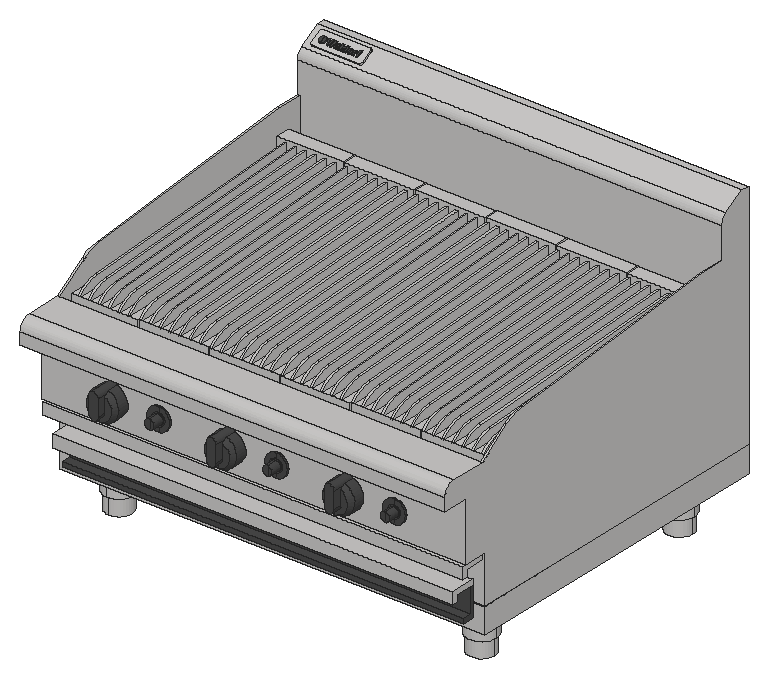
Revit family "QF_MOFFAT WALDORF_CH8900G-B", category Specialty Equipment, Revit 2012 (continued)
Automatic sketch dimensions
  Extrusion 22 sketch curve to plane 6 "TOP" = 265.155 mm
  Extrusion 22 sketch curve to plane 6 "TOP" = 219.636 mm
  Extrusion 22 sketch curve to Extrusion 22 sketch curve = 52.486 mm
  Extrusion 23 sketch curve to plane 5 "FRONT" = 128 mm
  Extrusion 23 sketch curve to Extrusion 23 sketch curve = 46.148 mm
  Extrusion 23 sketch curve to Extrusion 23 sketch curve = 50.262 mm
  plane 1 "BACK" to Extrusion 23 sketch curve = 132 mm
  Extrusion 23 sketch curve to plane 6 "TOP" = 265.155 mm
  Extrusion 23 sketch curve to plane 6 "TOP" = 219.636 mm
  Extrusion 23 sketch curve to Extrusion 23 sketch curve = 52.486 mm
  Extrusion 24 sketch curve to plane 5 "FRONT" = 128 mm
  Extrusion 24 sketch curve to Extrusion 24 sketch curve = 46.148 mm
  Extrusion 24 sketch curve to Extrusion 24 sketch curve = 4.114 mm
  plane 1 "BACK" to Extrusion 24 sketch curve = 132 mm
  Extrusion 24 sketch curve to plane 6 "TOP" = 265.155 mm
  Extrusion 24 sketch curve to plane 6 "TOP" = 219.636 mm
  Extrusion 24 sketch curve to Extrusion 24 sketch curve = 52.486 mm
  Extrusion 25 sketch curve to plane 5 "FRONT" = 128 mm
  Extrusion 25 sketch curve to Extrusion 25 sketch curve = 46.148 mm
  Extrusion 25 sketch curve to Extrusion 25 sketch curve = 4.114 mm
  plane 1 "BACK" to Extrusion 25 sketch curve = 132 mm
  Extrusion 25 sketch curve to plane 6 "TOP" = 265.155 mm
  Extrusion 25 sketch curve to plane 6 "TOP" = 219.636 mm
  Extrusion 25 sketch curve to Extrusion 25 sketch curve = 52.486 mm
  Extrusion 26 sketch curve to plane 5 "FRONT" = 128 mm
  Extrusion 26 sketch curve to Extrusion 26 sketch curve = 46.148 mm
  Extrusion 26 sketch curve to Extrusion 26 sketch curve = 4.114 mm
  plane 1 "BACK" to Extrusion 26 sketch curve = 132 mm
  Extrusion 26 sketch curve to plane 6 "TOP" = 265.155 mm
  Extrusion 26 sketch curve to plane 6 "TOP" = 219.636 mm
  Extrusion 26 sketch curve to Extrusion 26 sketch curve = 52.486 mm
  Extrusion 27 sketch curve to plane 5 "FRONT" = 128 mm
  Extrusion 27 sketch curve to Extrusion 27 sketch curve = 46.148 mm
  Extrusion 27 sketch curve to Extrusion 27 sketch curve = 50.262 mm
  plane 1 "BACK" to Extrusion 27 sketch curve = 132 mm
  Extrusion 27 sketch curve to plane 6 "TOP" = 265.155 mm
  Extrusion 27 sketch curve to plane 6 "TOP" = 219.636 mm
  Extrusion 27 sketch curve to Extrusion 27 sketch curve = 52.486 mm
  Extrusion 28 sketch curve to plane 5 "FRONT" = 128 mm
  Extrusion 28 sketch curve to Extrusion 28 sketch curve = 46.148 mm
  Extrusion 28 sketch curve to Extrusion 28 sketch curve = 4.114 mm
  plane 1 "BACK" to Extrusion 28 sketch curve = 132 mm
  Extrusion 28 sketch curve to plane 6 "TOP" = 265.155 mm
  Extrusion 28 sketch curve to plane 6 "TOP" = 219.636 mm
  Extrusion 28 sketch curve to Extrusion 28 sketch curve = 52.486 mm
  Extrusion 29 sketch curve to plane 5 "FRONT" = 128 mm
  Extrusion 29 sketch curve to Extrusion 29 sketch curve = 46.148 mm
  Extrusion 29 sketch curve to Extrusion 29 sketch curve = 50.262 mm
  plane 1 "BACK" to Extrusion 29 sketch curve = 132 mm
  Extrusion 29 sketch curve to plane 6 "TOP" = 265.155 mm
  Extrusion 29 sketch curve to plane 6 "TOP" = 219.636 mm
  Extrusion 29 sketch curve to Extrusion 29 sketch curve = 52.486 mm
  Extrusion 30 sketch curve to plane 5 "FRONT" = 128 mm
  Extrusion 30 sketch curve to Extrusion 30 sketch curve = 46.148 mm
  Extrusion 30 sketch curve to Extrusion 30 sketch curve = 50.262 mm
  plane 1 "BACK" to Extrusion 30 sketch curve = 132 mm
  Extrusion 30 sketch curve to plane 6 "TOP" = 265.155 mm
  Extrusion 30 sketch curve to plane 6 "TOP" = 219.636 mm
  Extrusion 30 sketch curve to Extrusion 30 sketch curve = 52.486 mm
  Extrusion 31 sketch curve to plane 5 "FRONT" = 128 mm
  Extrusion 31 sketch curve to Extrusion 31 sketch curve = 46.148 mm
  Extrusion 31 sketch curve to Extrusion 31 sketch curve = 4.114 mm
  plane 1 "BACK" to Extrusion 31 sketch curve = 132 mm
  Extrusion 31 sketch curve to plane 6 "TOP" = 265.155 mm
  Extrusion 31 sketch curve to plane 6 "TOP" = 219.636 mm
  Extrusion 31 sketch curve to Extrusion 31 sketch curve = 52.486 mm
  Extrusion 32 sketch curve to plane 5 "FRONT" = 128 mm
  Extrusion 32 sketch curve to Extrusion 32 sketch curve = 46.148 mm
  Extrusion 32 sketch curve to Extrusion 32 sketch curve = 50.262 mm
  plane 1 "BACK" to Extrusion 32 sketch curve = 132 mm
  Extrusion 32 sketch curve to plane 6 "TOP" = 265.155 mm
  Extrusion 32 sketch curve to plane 6 "TOP" = 219.636 mm
  Extrusion 32 sketch curve to Extrusion 32 sketch curve = 52.486 mm
  Extrusion 33 sketch curve to plane 5 "FRONT" = 128 mm
  Extrusion 33 sketch curve to Extrusion 33 sketch curve = 46.148 mm
  Extrusion 33 sketch curve to Extrusion 33 sketch curve = 4.114 mm
  plane 1 "BACK" to Extrusion 33 sketch curve = 132 mm
  Extrusion 33 sketch curve to plane 6 "TOP" = 265.155 mm
  Extrusion 33 sketch curve to plane 6 "TOP" = 219.636 mm
  Extrusion 33 sketch curve to Extrusion 33 sketch curve = 52.486 mm
  Extrusion 34 sketch curve to plane 5 "FRONT" = 128 mm
  Extrusion 34 sketch curve to Extrusion 34 sketch curve = 46.148 mm
  Extrusion 34 sketch curve to Extrusion 34 sketch curve = 4.114 mm
  plane 1 "BACK" to Extrusion 34 sketch curve = 132 mm
  Extrusion 34 sketch curve to plane 6 "TOP" = 265.155 mm
  Extrusion 34 sketch curve to Extrusion 34 sketch curve = 45.518 mm
  Extrusion 34 sketch curve to Extrusion 34 sketch curve = 52.486 mm
  Extrusion 35 sketch curve to plane 5 "FRONT" = 128 mm
  Extrusion 35 sketch curve to Extrusion 35 sketch curve = 46.148 mm
  Extrusion 35 sketch curve to Extrusion 35 sketch curve = 50.262 mm
  plane 1 "BACK" to Extrusion 35 sketch curve = 132 mm
  Extrusion 35 sketch curve to plane 6 "TOP" = 265.155 mm
  Extrusion 35 sketch curve to plane 6 "TOP" = 219.636 mm
  Extrusion 35 sketch curve to Extrusion 35 sketch curve = 52.486 mm
  Extrusion 36 sketch curve to plane 5 "FRONT" = 128 mm
  Extrusion 36 sketch curve to Extrusion 36 sketch curve = 46.148 mm
  Extrusion 36 sketch curve to Extrusion 36 sketch curve = 4.114 mm
  plane 1 "BACK" to Extrusion 36 sketch curve = 132 mm
  Extrusion 36 sketch curve to plane 6 "TOP" = 265.155 mm
  Extrusion 36 sketch curve to plane 6 "TOP" = 219.636 mm
  Extrusion 36 sketch curve to Extrusion 36 sketch curve = 52.486 mm
  Extrusion 37 sketch curve to plane 5 "FRONT" = 128 mm
  Extrusion 37 sketch curve to Extrusion 37 sketch curve = 46.148 mm
  Extrusion 37 sketch curve to Extrusion 37 sketch curve = 4.114 mm
  plane 1 "BACK" to Extrusion 37 sketch curve = 132 mm
  Extrusion 37 sketch curve to plane 6 "TOP" = 265.155 mm
  Extrusion 37 sketch curve to plane 6 "TOP" = 219.636 mm
  Extrusion 37 sketch curve to Extrusion 37 sketch curve = 52.486 mm
  Extrusion 38 sketch curve to plane 5 "FRONT" = 128 mm
  Extrusion 38 sketch curve to Extrusion 38 sketch curve = 46.148 mm
  Extrusion 38 sketch curve to Extrusion 38 sketch curve = 50.262 mm
  plane 1 "BACK" to Extrusion 38 sketch curve = 132 mm
  Extrusion 38 sketch curve to plane 6 "TOP" = 265.155 mm
  Extrusion 38 sketch curve to plane 6 "TOP" = 219.636 mm
  Extrusion 38 sketch curve to Extrusion 38 sketch curve = 52.486 mm
  Extrusion 39 sketch curve to plane 5 "FRONT" = 128 mm
  Extrusion 39 sketch curve to Extrusion 39 sketch curve = 46.148 mm
  Extrusion 39 sketch curve to Extrusion 39 sketch curve = 50.262 mm
  plane 1 "BACK" to Extrusion 39 sketch curve = 132 mm
  Extrusion 39 sketch curve to plane 6 "TOP" = 265.155 mm
  Extrusion 39 sketch curve to plane 6 "TOP" = 219.636 mm
  Extrusion 39 sketch curve to Extrusion 39 sketch curve = 52.486 mm
  Extrusion 40 sketch curve to plane 5 "FRONT" = 128 mm
  Extrusion 40 sketch curve to Extrusion 40 sketch curve = 46.148 mm
  Extrusion 40 sketch curve to Extrusion 40 sketch curve = 4.114 mm
  plane 1 "BACK" to Extrusion 40 sketch curve = 132 mm
  Extrusion 40 sketch curve to plane 6 "TOP" = 265.155 mm
  Extrusion 40 sketch curve to plane 6 "TOP" = 219.636 mm
  Extrusion 40 sketch curve to Extrusion 40 sketch curve = 52.486 mm
  plane 1 "BACK" to Extrusion 41 sketch curve = 32 mm
  Extrusion 42 sketch curve to plane 5 "FRONT" = 81 mm
  Extrusion 42 sketch curve to Extrusion 42 sketch curve = 20 mm
  Extrusion 42 sketch curve to Extrusion 42 sketch curve = 18.654 mm
  level to Extrusion 42 sketch curve = 108.047 mm
  Extrusion 42 sketch curve to Extrusion 42 sketch curve = 10 mm
  Extrusion 42 sketch curve to Extrusion 42 sketch curve = 53.75 mm
  Extrusion 43 sketch curve to plane 5 "FRONT" = 53.73 mm
  Extrusion 43 sketch curve to Extrusion 43 sketch curve = 10 mm  (x2)
  Extrusion 43 sketch curve to Extrusion 43 sketch curve = 42.27 mm
  level to Extrusion 43 sketch curve = 211.219 mm
  Extrusion 43 sketch curve to Extrusion 43 sketch curve = 15 mm
  Split face 12 sketch curve to cut or joined group of Extrusion 1, Extrusion 6, Extrusion 7 = 1.25 mm
  Split face 12 sketch curve to cut or joined group of Extrusion 1, Extrusion 6, Extrusion 7 = 24.993 mm
  cut or joined group of Extrusion 1, Extrusion 6, Extrusion 7 to Split face 12 sketch curve = 1.25 mm
  Split face 12 sketch curve to cut or joined group of Extrusion 1, Extrusion 6, Extrusion 7 = 25.12 mm
  Extrusion 44 sketch curve to plane 5 "FRONT" = 53.73 mm
  Extrusion 44 sketch curve to Extrusion 44 sketch curve = 10 mm  (x2)
  Extrusion 44 sketch curve to Extrusion 44 sketch curve = 55.924 mm
  level to Extrusion 44 sketch curve = 156.797 mm
  Extrusion 44 sketch curve to Extrusion 44 sketch curve = 15 mm
  Extrusion 45 sketch curve to plane 5 "FRONT" = 128 mm
  plane 1 "BACK" to Extrusion 45 sketch curve = 132 mm
  Extrusion 45 sketch curve to Extrusion 45 sketch curve = 30 mm
  Extrusion 45 sketch curve to plane 6 "TOP" = 255 mm
  Extrusion 45 sketch curve to Extrusion 45 sketch curve = 35.364 mm
  Extrusion 45 sketch curve to Extrusion 45 sketch curve = 59.636 mm
  Extrusion 46 sketch curve to plane 5 "FRONT" = 128 mm
  plane 1 "BACK" to Extrusion 46 sketch curve = 132 mm
  Extrusion 46 sketch curve to Extrusion 46 sketch curve = 30 mm
  Extrusion 46 sketch curve to plane 6 "TOP" = 255 mm
  Extrusion 46 sketch curve to Extrusion 46 sketch curve = 35.364 mm
  Extrusion 46 sketch curve to Extrusion 46 sketch curve = 59.636 mm
  Extrusion 47 sketch curve to plane 5 "FRONT" = 128 mm
  plane 1 "BACK" to Extrusion 47 sketch curve = 132 mm
  Extrusion 47 sketch curve to Extrusion 47 sketch curve = 30 mm
  Extrusion 47 sketch curve to plane 6 "TOP" = 255 mm
  Extrusion 47 sketch curve to Extrusion 47 sketch curve = 35.364 mm
  Extrusion 47 sketch curve to Extrusion 47 sketch curve = 59.636 mm
  Extrusion 48 sketch curve to plane 5 "FRONT" = 128 mm
  plane 1 "BACK" to Extrusion 48 sketch curve = 132 mm
  Extrusion 48 sketch curve to Extrusion 48 sketch curve = 30 mm
  Extrusion 48 sketch curve to plane 6 "TOP" = 255 mm
  Extrusion 48 sketch curve to Extrusion 48 sketch curve = 35.364 mm
  Extrusion 48 sketch curve to Extrusion 48 sketch curve = 59.636 mm
  Extrusion 49 sketch curve to plane 5 "FRONT" = 128 mm
  Extrusion 49 sketch curve to Extrusion 49 sketch curve = 46.148 mm
  Extrusion 49 sketch curve to Extrusion 49 sketch curve = 50.262 mm
  plane 1 "BACK" to Extrusion 49 sketch curve = 132 mm
  Extrusion 49 sketch curve to plane 6 "TOP" = 265.155 mm
  Extrusion 49 sketch curve to Extrusion 49 sketch curve = 45.518 mm
  Extrusion 49 sketch curve to Extrusion 49 sketch curve = 52.486 mm
  Extrusion 50 sketch curve to plane 5 "FRONT" = 128 mm
  Extrusion 50 sketch curve to Extrusion 50 sketch curve = 46.148 mm
  Extrusion 50 sketch curve to Extrusion 50 sketch curve = 50.262 mm
  plane 1 "BACK" to Extrusion 50 sketch curve = 132 mm
  Extrusion 50 sketch curve to plane 6 "TOP" = 265.155 mm
  Extrusion 50 sketch curve to plane 6 "TOP" = 219.636 mm
  Extrusion 50 sketch curve to Extrusion 50 sketch curve = 52.486 mm
  Extrusion 51 sketch curve to plane 5 "FRONT" = 128 mm
  Extrusion 51 sketch curve to Extrusion 51 sketch curve = 46.148 mm
  Extrusion 51 sketch curve to Extrusion 51 sketch curve = 4.114 mm
  plane 1 "BACK" to Extrusion 51 sketch curve = 132 mm
  Extrusion 51 sketch curve to plane 6 "TOP" = 265.155 mm
  Extrusion 51 sketch curve to plane 6 "TOP" = 219.636 mm
  Extrusion 51 sketch curve to Extrusion 51 sketch curve = 52.486 mm
  Extrusion 52 sketch curve to plane 5 "FRONT" = 128 mm
  Extrusion 52 sketch curve to Extrusion 52 sketch curve = 46.148 mm
  Extrusion 52 sketch curve to Extrusion 52 sketch curve = 4.114 mm
  plane 1 "BACK" to Extrusion 52 sketch curve = 132 mm
  Extrusion 52 sketch curve to plane 6 "TOP" = 265.155 mm
  Extrusion 52 sketch curve to plane 6 "TOP" = 219.636 mm
  Extrusion 52 sketch curve to Extrusion 52 sketch curve = 52.486 mm
  Extrusion 53 sketch curve to plane 5 "FRONT" = 128 mm
  Extrusion 53 sketch curve to Extrusion 53 sketch curve = 46.148 mm
  Extrusion 53 sketch curve to Extrusion 53 sketch curve = 4.114 mm
  plane 1 "BACK" to Extrusion 53 sketch curve = 132 mm
  Extrusion 53 sketch curve to plane 6 "TOP" = 265.155 mm
  Extrusion 53 sketch curve to plane 6 "TOP" = 219.636 mm
  Extrusion 53 sketch curve to Extrusion 53 sketch curve = 52.486 mm
  Extrusion 54 sketch curve to plane 5 "FRONT" = 128 mm
  Extrusion 54 sketch curve to Extrusion 54 sketch curve = 46.148 mm
  Extrusion 54 sketch curve to Extrusion 54 sketch curve = 4.114 mm
  plane 1 "BACK" to Extrusion 54 sketch curve = 132 mm
  Extrusion 54 sketch curve to plane 6 "TOP" = 265.155 mm
  Extrusion 54 sketch curve to plane 6 "TOP" = 219.636 mm
  Extrusion 54 sketch curve to Extrusion 54 sketch curve = 52.486 mm
  Extrusion 55 sketch curve to plane 5 "FRONT" = 128 mm
  Extrusion 55 sketch curve to Extrusion 55 sketch curve = 46.148 mm
  Extrusion 55 sketch curve to Extrusion 55 sketch curve = 4.114 mm
  plane 1 "BACK" to Extrusion 55 sketch curve = 132 mm
  Extrusion 55 sketch curve to plane 6 "TOP" = 265.155 mm
  Extrusion 55 sketch curve to plane 6 "TOP" = 219.636 mm
  Extrusion 55 sketch curve to Extrusion 55 sketch curve = 52.486 mm
  Extrusion 56 sketch curve to plane 5 "FRONT" = 128 mm
  plane 1 "BACK" to Extrusion 56 sketch curve = 132 mm
  Extrusion 56 sketch curve to Extrusion 56 sketch curve = 30 mm
  Extrusion 56 sketch curve to plane 6 "TOP" = 255 mm
  Extrusion 56 sketch curve to Extrusion 56 sketch curve = 35.364 mm
  Extrusion 56 sketch curve to Extrusion 56 sketch curve = 59.636 mm
  Extrusion 57 sketch curve to plane 5 "FRONT" = 128 mm
  Extrusion 57 sketch curve to Extrusion 57 sketch curve = 46.148 mm
  Extrusion 57 sketch curve to Extrusion 57 sketch curve = 50.262 mm
  plane 1 "BACK" to Extrusion 57 sketch curve = 132 mm
  Extrusion 57 sketch curve to plane 6 "TOP" = 265.155 mm
  Extrusion 57 sketch curve to Extrusion 57 sketch curve = 45.518 mm
  Extrusion 57 sketch curve to Extrusion 57 sketch curve = 52.486 mm
  Extrusion 58 sketch curve to plane 5 "FRONT" = 128 mm
  Extrusion 58 sketch curve to Extrusion 58 sketch curve = 46.148 mm
  Extrusion 58 sketch curve to Extrusion 58 sketch curve = 50.262 mm
  plane 1 "BACK" to Extrusion 58 sketch curve = 132 mm
  Extrusion 58 sketch curve to plane 6 "TOP" = 265.155 mm
  Extrusion 58 sketch curve to plane 6 "TOP" = 219.636 mm
  Extrusion 58 sketch curve to Extrusion 58 sketch curve = 52.486 mm
  Extrusion 59 sketch curve to plane 5 "FRONT" = 128 mm
  Extrusion 59 sketch curve to Extrusion 59 sketch curve = 46.148 mm
  Extrusion 59 sketch curve to Extrusion 59 sketch curve = 4.114 mm
  plane 1 "BACK" to Extrusion 59 sketch curve = 132 mm
  Extrusion 59 sketch curve to plane 6 "TOP" = 265.155 mm
  Extrusion 59 sketch curve to plane 6 "TOP" = 219.636 mm
  Extrusion 59 sketch curve to Extrusion 59 sketch curve = 52.486 mm
  Extrusion 60 sketch curve to plane 5 "FRONT" = 128 mm
  Extrusion 60 sketch curve to Extrusion 60 sketch curve = 46.148 mm
  Extrusion 60 sketch curve to Extrusion 60 sketch curve = 4.114 mm
  plane 1 "BACK" to Extrusion 60 sketch curve = 132 mm
  Extrusion 60 sketch curve to plane 6 "TOP" = 265.155 mm
  Extrusion 60 sketch curve to plane 6 "TOP" = 219.636 mm
  Extrusion 60 sketch curve to Extrusion 60 sketch curve = 52.486 mm
  Extrusion 61 sketch curve to plane 5 "FRONT" = 128 mm
  Extrusion 61 sketch curve to Extrusion 61 sketch curve = 46.148 mm
  Extrusion 61 sketch curve to Extrusion 61 sketch curve = 4.114 mm
  plane 1 "BACK" to Extrusion 61 sketch curve = 132 mm
  Extrusion 61 sketch curve to plane 6 "TOP" = 265.155 mm
  Extrusion 61 sketch curve to plane 6 "TOP" = 219.636 mm
  Extrusion 61 sketch curve to Extrusion 61 sketch curve = 52.486 mm
  Extrusion 62 sketch curve to plane 5 "FRONT" = 128 mm
  Extrusion 62 sketch curve to Extrusion 62 sketch curve = 46.148 mm
  Extrusion 62 sketch curve to Extrusion 62 sketch curve = 4.114 mm
  plane 1 "BACK" to Extrusion 62 sketch curve = 132 mm
  Extrusion 62 sketch curve to plane 6 "TOP" = 265.155 mm
  Extrusion 62 sketch curve to plane 6 "TOP" = 219.636 mm
  Extrusion 62 sketch curve to Extrusion 62 sketch curve = 52.486 mm
  Extrusion 63 sketch curve to plane 5 "FRONT" = 128 mm
  Extrusion 63 sketch curve to Extrusion 63 sketch curve = 46.148 mm
  Extrusion 63 sketch curve to Extrusion 63 sketch curve = 4.114 mm
  plane 1 "BACK" to Extrusion 63 sketch curve = 132 mm
  Extrusion 63 sketch curve to plane 6 "TOP" = 265.155 mm
  Extrusion 63 sketch curve to plane 6 "TOP" = 219.636 mm
  Extrusion 63 sketch curve to Extrusion 63 sketch curve = 52.486 mm
  Extrusion 64 sketch curve to plane 5 "FRONT" = 128 mm
  plane 1 "BACK" to Extrusion 64 sketch curve = 132 mm
  Extrusion 64 sketch curve to Extrusion 64 sketch curve = 30 mm
  Extrusion 64 sketch curve to plane 6 "TOP" = 255 mm
  Extrusion 64 sketch curve to Extrusion 64 sketch curve = 35.364 mm
  Extrusion 64 sketch curve to Extrusion 64 sketch curve = 59.636 mm
  Extrusion 1 to Split face 13 sketch curve = 1.962 mm
  Split face 13 sketch curve to Extrusion 1 = 14.14 mm
  Split face 13 sketch curve to Extrusion 1 = 426.534 mm
  Split face 13 sketch curve to Split face 13 sketch curve = 20 mm
  Extrusion 1 to Split face 14 sketch curve = 1.962 mm
  Split face 14 sketch curve to Extrusion 1 = 14.14 mm
  Split face 14 sketch curve to Extrusion 1 = 446.466 mm
  Split face 14 sketch curve to Split face 14 sketch curve = 20 mm
  Extrusion 1 to Split face 15 sketch curve = 1.962 mm
  Split face 15 sketch curve to Extrusion 1 = 14.14 mm
  Split face 15 sketch curve to Extrusion 1 = 419.466 mm
  Split face 15 sketch curve to Split face 15 sketch curve = 20 mm
  Extrusion 1 to Split face 16 sketch curve = 1.962 mm
  Split face 16 sketch curve to Extrusion 1 = 14.14 mm
  Split face 16 sketch curve to Extrusion 1 = 392.466 mm
  Split face 16 sketch curve to Split face 16 sketch curve = 20 mm
  Extrusion 1 to Split face 17 sketch curve = 1.962 mm
  Split face 17 sketch curve to Extrusion 1 = 14.14 mm
  Split face 17 sketch curve to Extrusion 1 = 365.466 mm
  Split face 17 sketch curve to Split face 17 sketch curve = 20 mm
  Extrusion 1 to Split face 18 sketch curve = 1.962 mm
  Split face 18 sketch curve to Extrusion 1 = 14.14 mm
  Split face 18 sketch curve to Extrusion 1 = 338.466 mm
  Split face 18 sketch curve to Split face 18 sketch curve = 20 mm
  Extrusion 1 to Split face 19 sketch curve = 1.962 mm
  Split face 19 sketch curve to Extrusion 1 = 14.14 mm
  Split face 19 sketch curve to Extrusion 1 = 311.466 mm
  Split face 19 sketch curve to Split face 19 sketch curve = 20 mm
  Extrusion 1 to Split face 20 sketch curve = 1.962 mm
  Split face 20 sketch curve to Extrusion 1 = 14.14 mm
  Split face 20 sketch curve to Extrusion 1 = 284.466 mm
  Split face 20 sketch curve to Split face 20 sketch curve = 20 mm
  Extrusion 1 to Split face 21 sketch curve = 1.962 mm
  Split face 21 sketch curve to Extrusion 1 = 14.14 mm
  Split face 21 sketch curve to Extrusion 1 = 257.466 mm
  Split face 21 sketch curve to Split face 21 sketch curve = 20 mm
  Extrusion 1 to Split face 22 sketch curve = 1.962 mm
  Split face 22 sketch curve to Extrusion 1 = 14.14 mm
  Split face 22 sketch curve to Extrusion 1 = 230.466 mm
  Split face 22 sketch curve to Split face 22 sketch curve = 20 mm
  Extrusion 1 to Split face 23 sketch curve = 1.962 mm
  Split face 23 sketch curve to Extrusion 1 = 14.14 mm
  Split face 23 sketch curve to Extrusion 1 = 203.466 mm
  Split face 23 sketch curve to Split face 23 sketch curve = 20 mm
  Extrusion 1 to Split face 24 sketch curve = 1.962 mm
  Split face 24 sketch curve to Extrusion 1 = 14.14 mm
  Split face 24 sketch curve to Extrusion 1 = 176.466 mm
  Split face 24 sketch curve to Split face 24 sketch curve = 20 mm
  Extrusion 1 to Split face 25 sketch curve = 1.962 mm
  Split face 25 sketch curve to Extrusion 1 = 14.14 mm
  Split face 25 sketch curve to Extrusion 1 = 149.466 mm
  Split face 25 sketch curve to Split face 25 sketch curve = 20 mm
  Revolve 65 sketch curve to plane 5 "FRONT" = 12 mm
  Revolve 65 sketch curve to Revolve 65 sketch curve = 0 mm  (x2)
  Revolve 65 sketch curve to Revolve 65 sketch curve = 11 mm
  Revolve 65 sketch curve to Revolve 65 sketch curve = 12.7 mm
  Revolve 65 sketch curve to Revolve 65 sketch curve = 23 mm
  Revolve 65 sketch curve to Revolve 65 sketch curve = 10 mm
  Revolve 65 sketch curve to plane 6 "TOP" = 300.5 mm
  Revolve 65 sketch curve to Revolve 65 sketch curve = 5.849 mm
  Revolve 65 sketch curve to Revolve 65 sketch curve = 27.5 mm
  Revolve 65 sketch curve to Revolve 65 sketch curve = 5 mm
  plane 7 "Center Y" to Extrusion 66 sketch curve = 218.056 mm
  Extrusion 66 sketch curve to Extrusion 66 sketch curve = 10 mm
  Extrusion 66 sketch curve to plane 6 "TOP" = 306 mm
  Extrusion 66 sketch curve to Extrusion 66 sketch curve = 35 mm
  Revolve 67 sketch curve to plane 5 "FRONT" = 20.12 mm
  Revolve 67 sketch curve to Revolve 67 sketch curve = 6.83 mm
  Revolve 67 sketch curve to Revolve 67 sketch curve = 15.2 mm
  Revolve 67 sketch curve to Revolve 67 sketch curve = 1.144 mm
  Revolve 67 sketch curve to Revolve 67 sketch curve = 3.85 mm
  Revolve 67 sketch curve to Revolve 67 sketch curve = 0 mm  (x2)
  Revolve 67 sketch curve to Revolve 67 sketch curve = 10 mm
  level to Revolve 67 sketch curve = 297 mm
  Revolve 67 sketch curve to Revolve 67 sketch curve = 5 mm
  Revolve 67 sketch curve to Revolve 67 sketch curve = 4.825 mm
  Revolve 67 sketch curve to Revolve 67 sketch curve = 3.025 mm
  Revolve 67 sketch curve to Revolve 67 sketch curve = 11.15 mm
  radius of Extrusion 41 sketch curve = 13.5 mm
Nested families
  nested 1: "WALDORF LOGO_FACE BASE" at (12.5, -23.079, 626.202) x (1, 0, 0) z (0, -0.5, 0.866), visible <- "Show Logo", type "WALDORF LOGO_FACE BASE", detail levels medium+fine
    with Show Logo yes
Connectors
  piping at (216, -32, 55)
    settings: on Extrusion 41, index 1, connector radius 0.37402", flow factor 0, pipe flow 0 GPM, pressure drop 0.00 psi, fitting loss kfactor 0, connector angle 0.00°, fixture units 0, engagement length 0 mm, flow configuration 1, flow direction 1, fitting loss method 0, system type 7, joint type 0, gender type 0, connector reference index -1, connector utility 0, adjustable connector no, is connector primary yes, fitting loss table "", connector description "GAS CONNECTION"
Definition of nested family "WALDORF LOGO_FACE BASE"
  Parameters (values of type "WALDORF LOGO_FACE BASE")
    Show Logo [instance] = yes
    Default Elevation = 1219.2 mm
  Reference planes
    plane 1 "Center (Front/Back)": y = 0
    plane 2: z = 0
    plane 3 "Center (Left/Right)": x = 0
  Forms (mm)
    Extrusion 1, solid
      sketch origin (0, 0, 0) x (1, 0, 0) y (0, 1, 0)
        loop
          line (-1219.2, 1219.2) -> (-1219.2, -1219.2) -> (1219.2, -1219.2) -> (1219.2, 1219.2) -> (-1219.2, 1219.2)
      from 0 to -304.8
    Extrusion 2, solid, material "QF_Finishes_Stainless Steel", visible <- "Show Logo"
      sketch origin (0, -33.217, 0) x (1, 0, 0) y (0, 1, 0)
        loop
          arc (5, 34.14) -> (1.464, 32.676) -> (0, 29.14) r 5
          line (0, 29.14) -> (0, 5)
          arc (0, 5) -> (1.464, 1.464) -> (5, 0) r 5
          line (5, 0) -> (104, 0)
          arc (104, 0) -> (107.536, 1.464) -> (109, 5) r 5
          line (109, 5) -> (109, 29.14)
          arc (109, 29.14) -> (107.536, 32.676) -> (104, 34.14) r 5
          line (104, 34.14) -> (5, 34.14)
      from 0 to 1.588
    Extrusion 3, solid, material "QF_Finishes_Black", visible <- "Show Logo"
      sketch origin (0, -33.217, 1.588) x (1, 0, 0) y (0, 1, 0)
        loop
          line (24.772, 23.214) -> (27.992, 10.301) -> (31.551, 10.301) -> (33.443, 17.364) -> (35.205, 10.301) -> (39.332, 10.301) -> (42.077, 23.214) -> (38.352, 23.214) -> (36.676, 15.33) -> (35, 23.214) -> (31.752, 23.214) -> (30.076, 15.33) -> (28.4, 23.214) -> (24.772, 23.214)
        loop
          line (42.272, 17.055) -> (45.703, 17.055)
          spline (45.703, 17.055) -> (45.741, 17.285) -> (45.852, 17.499) -> (46.028, 17.682) -> (46.258, 17.823) -> (46.526, 17.912) -> (46.813, 17.942) -> (47.1, 17.912) -> (47.368, 17.823) -> (47.597, 17.682) -> (47.774, 17.499) -> (47.884, 17.285) -> (47.922, 17.055)
          line (47.922, 17.055) -> (47.922, 16.222)
          arc (47.922, 16.222) -> (45.742, 16.014) -> (43.665, 15.317) r 9.604
          arc (43.665, 15.317) -> (41.924, 12.809) -> (43.665, 10.301) r 2.677
          arc (43.665, 10.301) -> (45.527, 10.353) -> (47.332, 10.816) r 8.365
          line (47.332, 10.816) -> (48.092, 11.105) -> (48.092, 10.301) -> (51.817, 10.301) -> (51.817, 17.055)
          spline (51.817, 17.055) -> (51.654, 17.821) -> (51.178, 18.535) -> (50.419, 19.148) -> (49.431, 19.619) -> (48.28, 19.914) -> (47.044, 20.015) -> (45.809, 19.914) -> (44.658, 19.619) -> (43.67, 19.148) -> (42.911, 18.535) -> (42.434, 17.821) -> (42.272, 17.055)
        loop
          line (53.151, 23.214) -> (53.151, 10.301) -> (57.37, 10.301) -> (57.37, 23.214) -> (53.151, 23.214)
        loop
          line (64.874, 23.214) -> (64.874, 18.857)
          arc (64.874, 18.857) -> (58.083, 15.11) -> (64.874, 11.363) r 4.429
          line (64.874, 11.363) -> (64.874, 10.301) -> (68.378, 10.301) -> (68.378, 23.214) -> (64.874, 23.214)
        loop
          arc (64.874, 16.083) -> (61.41, 14.987) -> (64.874, 13.891) r 1.905
          line (64.874, 13.891) -> (64.874, 16.083)
        loop
          circle (74.623, 15.223) r 5
        loop
          spline (74.623, 17.856) -> (74.355, 17.766) -> (74.105, 17.503) -> (73.891, 17.084) -> (73.726, 16.539) -> (73.623, 15.904) -> (73.588, 15.223) -> (73.623, 14.541) -> (73.726, 13.906) -> (73.891, 13.361) -> (74.105, 12.942) -> (74.355, 12.679) -> (74.623, 12.59)
          spline (74.623, 12.59) -> (74.891, 12.679) -> (75.141, 12.942) -> (75.355, 13.361) -> (75.52, 13.906) -> (75.623, 14.541) -> (75.659, 15.223) -> (75.623, 15.904) -> (75.52, 16.539) -> (75.355, 17.084) -> (75.141, 17.503) -> (74.891, 17.766) -> (74.623, 17.856)
        loop
          line (81.255, 19.813) -> (81.255, 10.301) -> (84.834, 10.301) -> (84.834, 14.176)
          arc (84.834, 14.176) -> (85.854, 16.093) -> (88.013, 16.32) r 2.313
          line (88.013, 16.32) -> (88.013, 19.813) -> (87.161, 19.813)
          arc (87.161, 19.813) -> (85.526, 19.266) -> (84.549, 17.844) r 2.717
          line (84.549, 17.844) -> (84.549, 19.813) -> (81.255, 19.813)
        loop
          line (90.249, 19.813) -> (88.91, 19.813) -> (88.91, 17.614) -> (90.249, 17.614) -> (90.249, 10.301) -> (93.998, 10.301) -> (93.998, 17.614) -> (95.418, 17.614) -> (95.418, 19.813) -> (93.998, 19.813)
          arc (93.998, 19.813) -> (94.414, 20.817) -> (95.418, 21.233) r 1.42
          line (95.418, 21.233) -> (95.418, 23.602) -> (93.317, 23.602)
          arc (93.317, 23.602) -> (91.343, 22.903) -> (90.249, 21.118) r 3.137
          line (90.249, 21.118) -> (90.249, 19.813)
        loop
          arc (15.241, 23.571) -> (8.392, 16.525) -> (15.241, 9.479) r 7.049
          line (15.241, 9.479) -> (15.241, 23.571)
        loop
          line (15.641, 23.571) -> (15.641, 9.479)
          arc (15.641, 9.479) -> (22.49, 16.525) -> (15.641, 23.571) r 7.049
        loop
          arc (47.922, 14.711) -> (46.266, 13.749) -> (47.922, 12.787) r 1.107
          line (47.922, 12.787) -> (47.922, 14.711)
      from 0 to 0.2
  Dimensions and locks
    aligned and locked: plane 2 to Extrusion 1
    aligned and locked: level to Extrusion 1
